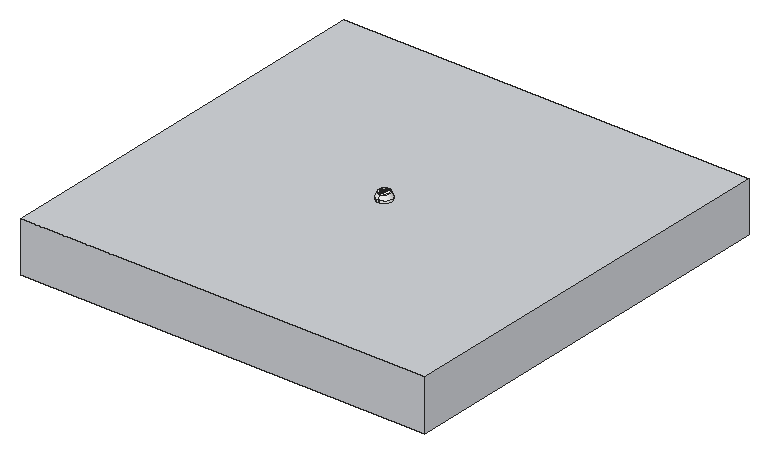
Revit family "Legrand_Gestion_eclairage_Detecteur_mouvement_Plafond_autonome", category Dispositifs d'éclairage, Revit 2020
Family settings
  Hôte = Face
  Conserver l'orientation des annotations = Non
  Cote de connecteur circulaire = Utiliser le diamètre
  Type d'élément = Normal
  Couper avec des vides une fois chargée = Non
  Partagée = Non
  Point de calcul de pièce = Non
Parameters (values of type "PIR - Applique - 360° - 45m²")
  URL = "http://www.legrandoc.com/048948"
  Modèle = "048948"
  Liaison neutre = no
  Fabricant = "Legrand"
  Description = "DETECTEUR PIR 360° MONTAGE AU PLAFOND EN SAILLIE"
  Cosses d'artère secondaire = no
  Condition Générale d'Utilisation = "https://export.legrand.com/CGU-objets-BIM"
  Collecteur de terre = no
  Afficher la zone de détection [instance] = no
  Télécommandable = no
  Type de tension = "CA"
  Tension nominale (V) = 240
  Température (MIN) (°C) = -5
  Température (MAX) (°C) = 35
  Sensibilité réglable = yes
  Sensibilité lumineuse réglable = yes
  Sensibilité lumineuse (MIN) (lx) = 10
  Sensibilité lumineuse (MAX) (lx) = 1275
  Réglage de lumière constante = yes
  Portée max. latérale (m) = 8
  Portée max. frontale (m) = 8
  PIR - Encastré - 360° - 45m² = no
  PIR - Applique - 360° - 45m² = yes
  Numéro RAL = 9006
  Mode de montage = "apparent"
  Hauteur de montage maximale (m) = 2.5
  Gestion alarme = no
  Gestion CVC = no
  Fréquence (MIN) (Hz) = 50
  Fréquence (MAX) (Hz) = 60
  Fonction variateur intégré = no
  Exécution - Modèle = "détecteur de présence"
  Entrée secondaire = no
  Default Elevation = 1219.2 mm
  Durée d'enclenchement min. (s) = 10
  Durée d'enclenchement max. (mn) = 10
  Diamètre de détection sur le plancher (m) = 8
  Courant de démarrage max. (A) = 0
  Coupure forcée = no
  Couleur = Blanc
  Classe de protection (IP) = "IP20"
  Capacité de coupure max. (W) = 0
  Angle de détection horizontal (MIN) (°) = 360
  Angle de détection horizontal (MAX) (°) = 360
  Afficher l'étiquette [instance] = no
  Adapté pour transmission sans fil = no
Types (3, lengths in mm): name | URL | Modèle | Description | Tension nominale (V) | Température (MAX) (°C) | Sensibilité réglable | Sensibilité lumineuse (MIN) (lx) | Portée max. latérale (m) | Portée max. frontale (m) | PIR - Encastré - 360° - 45m² | PIR - Applique - 360° - 45m² | Numéro RAL | Mode de montage | Exécution - Modèle | Durée d'enclenchement min. (s) | Durée d'enclenchement max. (mn) | Courant de démarrage max. (A) | Classe de protection (IP) | Capacité de coupure max. (W) | Angle de détection horizontal (MIN) (°)
  (no name) | "http://www.legrandoc.com/048948" | "048948" | "DETECTEUR PIR 360° MONTAGE AU PLAFOND EN SAILLIE" | 240 | 35 | yes | 10 | 8 | 8 | no | yes | 9006 | "apparent" | "détecteur de présence" | 10 | 10 | 0 | "IP20" | 0 | 360
  PIR - Applique - 360° - 45m² | "http://www.legrandoc.com/048948" | "048948" | "DETECTEUR PIR 360° MONTAGE AU PLAFOND EN SAILLIE" | 240 | 35 | yes | 10 | 8 | 8 | no | yes | 9006 | "apparent" | "détecteur de présence" | 10 | 10 | 0 | "IP20" | 0 | 360
  PIR - Encastré - 360° - 45m² | "http://www.legrandoc.com/048899" | "048899" | "Détect autonome ECO 1 Prog Mosaic-1 circuit éclairage-faux plafond-45m²" | 230 | 45 | no | 5 | 4 | 6 | yes | no | 9003 | "encastré" | "détecteur de mouvement" | 5 | 30 | 8.5 | "IP41" | 2000 | 0
Reference planes
  plane 1 "Centre (avant/arrière)": y = 0
  plane 2: z = 0
  plane 3 "Centre (gauche/droite)": x = 0
Forms (mm)
  Extrusion 1, solid
    sketch origin (0, 0, 0) x (1, 0, 0) y (0, 1, 0)
      loop
        line (-1219.2, 1219.2) -> (-1219.2, -1219.2) -> (1219.2, -1219.2) -> (1219.2, 1219.2) -> (-1219.2, 1219.2)
    from 0 to -304.8
Dimensions and locks
  aligned and locked: plane 2 to Extrusion 1
  aligned and locked: level to Extrusion 1
Nested families
  nested 1: "Modelisation 5" at (0, 0, 0), visible <- "PIR - Applique - 360° - 45m²", type "Modelisation 5"
  nested 2: "Modelisation 13" at (0, 0, -65), visible <- "PIR - Encastré - 360° - 45m²", type "Modelisation 13"
  nested 3: "Zone de détection" at (0, 0, 0), visible <- "Afficher la zone de détection", type "Zone de détection"
  nested 4: "Etiquette de zone" at (0, 3959.457, 0), visible <- "Afficher l'étiquette", type "Etiquette de zone"
Connectors
  electrical at (0, 0, 0)
    settings: index 1, voltage 230 V, apparent load 0 VA, apparent load phase1 0 VA, apparent load phase2 0 VA, apparent load phase3 0 VA, power factor 1, load classification "Eclairage", number of poles 1, system type 30, power factor state 1, is connector primary yes, connector utility no, sub classification motor no, connector description ""
Definition of nested family "Modelisation 5"
  Parameters (values of type "Modelisation 5")
    Profondeur totale = 82 mm
    Matériau couleur = none
    Longueur capot = 65 mm
    Largeur capot = 52 mm
    built-in parameter 1140140 [instance] = 1 (stored number, unit not read)
    Default Elevation = 0 mm
    Diamètre capot = 102 mm
    Ray Capot = Diamètre capot / 2  # 51 mm
    built-in parameter 1140142 [instance] = -1
    built-in parameter 1155100 [instance] = -1
  Reference planes
    plane 1 "Centre (avant/arrière)": y = 0
    plane 2: z = 0
    plane 3 "Centre (gauche/droite)": x = 0
  Forms (mm)
    Blend 1, solid
      base sketch origin (0, 0, 44.3) x (-1, 0, 0) y (0, -1, 0)
        loop
          line (0, -15) -> (7.5, -12.99) -> (12.99, -7.5) -> (15, 0) -> (12.99, 7.5) -> (7.5, 12.99) -> (0, 15) -> (-7.5, 12.99) -> (-12.99, 7.5) -> (-15, 0) -> (-12.99, -7.5) -> (-7.5, -12.99) -> (0, -15)
      top sketch origin (0, 0, 44.3) x (-1, 0, 0) y (0, -1, 0)
        loop
          line (0, -13) -> (6.5, -11.258) -> (11.258, -6.5) -> (13, 0) -> (11.258, 6.5) -> (6.5, 11.258) -> (0, 13) -> (-6.5, 11.258) -> (-11.258, 6.5) -> (-13, 0) -> (-11.258, -6.5) -> (-6.5, -11.258) -> (0, -13)
      from 0 to 5.7
    Blend 2, solid
      base sketch origin (0, 0, 61.8) x (1, 0, 0) y (0, 1, 0)
        loop
          line (0, 13) -> (-6.5, 11.258) -> (-11.258, 6.5) -> (-13, 0) -> (-11.258, -6.5) -> (-6.5, -11.258) -> (0, -13) -> (6.5, -11.258) -> (11.258, -6.5) -> (13, 0) -> (11.258, 6.5) -> (6.5, 11.258) -> (0, 13)
      top sketch origin (0, 0, 61.8) x (1, 0, 0) y (0, 1, 0)
        loop
          line (0, 8.625) -> (-4.313, 7.47) -> (-7.47, 4.313) -> (-8.625, 0) -> (-7.47, -4.313) -> (-4.313, -7.47) -> (0, -8.625) -> (4.313, -7.47) -> (7.47, -4.313) -> (8.625, 0) -> (7.47, 4.313) -> (4.313, 7.47) -> (0, 8.625)
      from -11.8 to -9.8
    Extrusion 3, void
      sketch origin (0, 0, 51.071) x (1, 0, 0) y (0, 1, 0)
        loop
          arc (5.689, 14.939) -> (0, 15.986) -> (-5.689, 14.939) r 15.986
          line (-5.689, 14.939) -> (-7.696, 17.805)
          arc (-7.696, 17.805) -> (-13.064, 18.237) -> (-14.494, 13.045) r 4.224
          line (-14.494, 13.045) -> (-12.413, 10.073)
          arc (-12.413, 10.073) -> (0, -15.986) -> (12.413, 10.073) r 15.986
          line (12.413, 10.073) -> (14.494, 13.045)
          arc (14.494, 13.045) -> (13.064, 18.237) -> (7.696, 17.805) r 4.224
          line (7.696, 17.805) -> (5.689, 14.939)
      from -6.771 to -5.043
    Revolve 4, solid, material <- "Matériau couleur"
      sketch origin (0, 0, 0) x (0, 1, 0) y (0, 0, 1)
        loop
          line (19.754, 46.028) -> (0, 46.028) -> (0, 38.56) -> (32.205, 38.56)
          arc (32.205, 38.56) -> (31.761, 39.549) -> (30.996, 40.318) r 3.025
          arc (30.996, 40.318) -> (27.04, 42.845) -> (22.898, 45.053) r 59.565
          arc (22.898, 45.053) -> (21.362, 45.656) -> (19.754, 46.028) r 11.289
        axis (0, 46.028) -> (0, 38.56)
      angle from 0 to 360
    Revolve 5, solid, material <- "Matériau couleur"
      sketch origin (0, 0, 0) x (0, 1, 0) y (0, 0, 1)
        loop
          line (43.5, 10) -> (0, 10) -> (0, 0) -> (43.5, 0) -> (43.5, 10)
        axis (0, 10) -> (0, 0)
      angle from 0 to 360
    Revolve 6, solid, material <- "Matériau couleur"
      sketch origin (0, 0, 0) x (0, 1, 0) y (0, 0, 1)
        loop
          line (43.5, 10) -> (32.205, 38.56) -> (0, 38.56) -> (0, 10) -> (43.5, 10)
        axis (0, 38.56) -> (0, 10)
      angle from 0 to 360
    Extrusion 7, void
      sketch origin (0, 0, 0) x (1, 0, 0) y (0, 0, 1)
        loop
          line (14.855, 0) -> (13.217, 13.69)
          arc (13.217, 13.69) -> (8.703, 17.239) -> (4.19, 13.69) r 4.645
          line (4.19, 13.69) -> (2.552, 0) -> (14.855, 0)
        loop
          line (-2.552, 0) -> (-4.19, 13.69)
          arc (-4.19, 13.69) -> (-8.703, 17.239) -> (-13.217, 13.69) r 4.645
          line (-13.217, 13.69) -> (-14.855, 0) -> (-2.552, 0)
        loop
          arc (12.232, 13.508) -> (8.703, 16.239) -> (5.175, 13.508) r 3.645
          line (5.175, 13.508) -> (3.678, 1) -> (13.728, 1) -> (12.232, 13.508)
        loop
          arc (-5.175, 13.508) -> (-8.703, 16.239) -> (-12.232, 13.508) r 3.645
          line (-12.232, 13.508) -> (-13.728, 1) -> (-3.678, 1) -> (-5.175, 13.508)
      from -44.331 to -37.266
    Extrusion 8, void
      sketch origin (-41.036, 0, 16.229) x (0.367772, 0, 0.929916) y (0, -1, 0)
        loop
          spline (-3.114, -0.098) -> (-2.712, -0.955) -> (-1.533, -1.754) -> (0.342, -2.44) -> (2.786, -2.966) -> (5.632, -3.297) -> (8.687, -3.41) -> (11.741, -3.297) -> (14.587, -2.966) -> (17.031, -2.44) -> (18.906, -1.754) -> (20.085, -0.955) -> (20.487, -0.098)
          spline (20.487, -0.098) -> (20.085, 0.759) -> (18.906, 1.558) -> (17.031, 2.244) -> (14.587, 2.77) -> (11.741, 3.101) -> (8.687, 3.214) -> (5.632, 3.101) -> (2.786, 2.77) -> (0.342, 2.244) -> (-1.533, 1.558) -> (-2.712, 0.759) -> (-3.114, -0.098)
      from -3.721 to 1.317
  Cuts and joins
    Extrusion 3 cuts Revolve 4
    Extrusion 7 cuts Revolve 5
    Extrusion 7, Extrusion 8 cuts Revolve 6
  Dimensions and locks
    aligned and locked: level to plane 2
Definition of nested family "Modelisation 13"
  Parameters (values of type "Modelisation 13")
    Profondeur totale = 82 mm
    Matériau couleur = none
    Longueur capot = 65 mm
    Largeur capot = 52 mm
    built-in parameter 1140140 [instance] = 1 (stored number, unit not read)
    Default Elevation = 0 mm
    Diamètre capot = 102 mm
    Ray Capot = Diamètre capot / 2  # 51 mm
    built-in parameter 1140142 [instance] = -1
    built-in parameter 1155100 [instance] = -1
  Reference planes
    plane 1 "Centre (avant/arrière)": y = 0
    plane 2: z = 0
    plane 3 "Centre (gauche/droite)": x = 0
  Forms (mm)
    Revolve 1, solid, material <- "Matériau couleur"
      sketch origin (0, -1.358, -26.338) x (0, 0, 1) y (0, 1, 0)
        loop
          arc (91.338, -49.642) -> (92.26, -46.64) -> (93.386, -43.708) r 45.62
          arc (93.386, -43.708) -> (96.838, -36.184) -> (100.721, -28.872) r 142.583
          arc (100.721, -28.872) -> (101.869, -25.627) -> (102.338, -22.217) r 16.945
          line (102.338, -22.217) -> (102.338, 1.358) -> (91.338, 1.358) -> (91.338, -49.642)
        axis (91.338, 1.358) -> (102.338, 1.358)
      angle from 0 to 360
    Revolve 2, solid
      sketch origin (0, -1.358, -34.438) x (0, 0, 1) y (0, 1, 0)
        loop
          line (113.37, -17.589) -> (116.438, -11.067) -> (116.438, 1.358) -> (110.438, 1.358) -> (110.438, -19.642) -> (113.37, -17.589)
        axis (110.438, 1.358) -> (116.438, 1.358)
      angle from 0 to 360
    Extrusion 3, solid, material <- "Matériau couleur"
      sketch origin (0, 0, 0) x (1, 0, 0) y (0, 1, 0)
        loop
          line (-20.5, 26) -> (-32.5, 14) -> (-32.5, -14) -> (-20.5, -26) -> (20.5, -26) -> (32.5, -14) -> (32.5, 14) -> (20.5, 26) -> (-20.5, 26)
      from 0 to 65
  Dimensions and locks
    aligned and locked: level to plane 2
Definition of nested family "Zone de détection"
  Reference planes
    plane 1 "Centre (avant/arrière)": y = 0
    plane 2: z = 0
    plane 3 "Centre (gauche/droite)": x = 0
  Lines and regions (mm)
    detail lines, in view "Niveau de réf."
      curve 1: circle (0, 0, 0) r 4000 normal (0, 0, 1)
      curve 2: circle (0, 0, 0) r 2000 normal (0, 0, 1)
      curve 3: circle (0, 0, 0) r 1000 normal (0, 0, 1)
Definition of nested family "Etiquette de zone"
  Parameters (values of type "Etiquette de zone")
    Etiquette de zone = ""
  Reference planes
    plane 1: y = 0
    plane 2: x = 0
  Text (mm)
    label "Etiquette de zone" at (-0.612, -4.46, 0), shows "Etiquette de zone"
